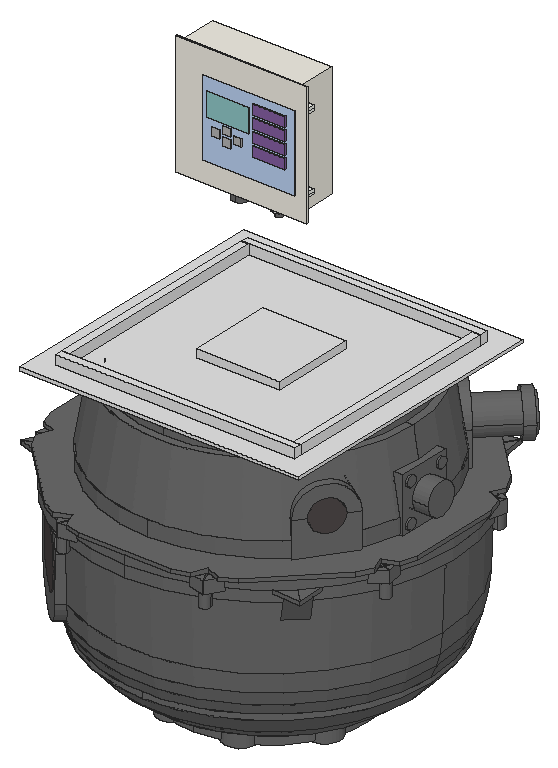
Revit family "280550x (200)", category Generic Models, Revit 2021
Family settings
  Can host rebar = No
  Round Connector Dimension = Use Diameter
  Part Type = Normal
  Work Plane-Based = No
  Always vertical = Yes
  Cut with Voids When Loaded = No
  Shared = Yes
  Room Calculation Point = No
Parameters (values of type "280550X")
  SUPPLIER = "KESSEL"
  SA700ID50 = "internal"
  SA700ID49 = "Protection Class I"
  SA700ID48 = "no"
  SA700ID47 = "no"
  SA700ID46 = "yes"
  SA700ID37 = 8000 mm
  SA700ID34 = 12
  SA700ID33 = 0.5 W
  SA700ID32 = 16.86 kg
  SA700ID31 = 1
  SA700ID30 = 1
  SA700ID29 = "RWDR"
  SA700ID21 = 800
  SA700ID10 = "No"
  SA700ID08 = 230 V
  PROCUREWEBLINK = "https://p.caden.as/kessel/280550X"
  PROCURELINK = "p.caden.as/kessel/280550X"
  PROCUREDATALASTUPDATE = "2024-05-22T12:17:24.687223417+01:00"
  PRC_SPECIFICATIONLINK = "https://ausschreiben.de/catalog/kessel/catalogItem/c423d403-c8be-41f1-af6b-9a60d9417f8c"
  NN = "Lifting station Aqualift S compact"
  NBSYN = "$SA810ID03. ($LODLEVEL.)"
  NB = "280550X (200)"
  Model = "280550X"
  Manufacturer = "KESSEL"
  MIdent = "{$CADENAS_DATA/23d-libs/kessel/kessel_vdi_import/4/entwaesserung/hebeanlage20aqualift20s20compact.prj},216 {STYP=ASS},{VTYP=3D},{NB=280550X (200)},{LINA=280550X},{NN=Lifting station Aqualift S compact},{DATE=21.11.2022 10:40:35},{GEOMDATE=21.11.2022 10:40:35},{VERSION=},{LINEID=150},{WBVAR=LODLEVEL},{WBNUMERIC=LODLEVEL}  {NB=280550X (200)},{LINA=280550X},{KT=DUMMY},{PREVIEW=../../bilder/ksb_w_280550x.png},{SA700ID04=Hebeanlage Aqualift S Compact, Tronic, GTF 500, Bodenplatte, befliesbar},{SA810ID06=04026092082638},{SA700ID34=12.00},{SA010ID03=201805},{SA810ID03=280550X},{SA810ID10=Die steckerfertige Hebeanlage für fäkalienfreies Abwasser ist mit einer überflutbaren Pumpe sowie einem Rückflussverhinderer ausgestattet. Der Sammelbehälter aus dauerhaft beständigem Kunststoff (PE) besitzt einen offenen Pumpenraum. Einhandverschlüsse ermöglichen die einfache Entnahme der integrierten Komponenten. Die Anlage zum Einbau in die Bodenplatte ist vormontiert zur bauseitigen Endmontage.Die Steuerung erfolgt durch ein anwenderfreundliches Schaltgerät, das optional über einen potentialfreien Kontakt in die Gebäudeleittechnik eingebunden werden oder Alarm- und Sammelstörmeldungen über eine GSM-Schnittstelle ausgeben kann.- mit teleskopischem Aufsatzstück für stufenlosen Höhen- und Niveauausgleich und integriertem Bodenablauf- Sammelbehälter aus PE, beständig gegen aggressive Abwässer und 3 m Grundwasser- inklusive Rückflussverhinderer für die Druckleitung- inklusive Stutzen für Zulauf und Kabelleerrohr- Pumpe mit Freistromrad für höchste BetriebssicherheitAusführung:Anlagenart: EinzelanlagePumpensteuerung: SchaltgerätRückflussverhinderer: integriertAuslieferungszustand: installationsfertig (Verbindungsteile sind bauseits anzuschließen)Einbausituation: Einbau in die BodenplatteAbwasserart: fäkalienfreiAllgemeine Merkmale:Farbe: schwarzNorm: EN 12050-2Abmessungen:Länge: 617 mmBreite: 585 mmBehälter/Grundkörper:Zulauf Nennweite (DN): 100 mmDruckabgang (DN): 32 mmDruckabgang (DA): 40 mmEinbautiefe: 490 - 620 mmNutzvolumen: 20 lArt der Höhenverstellbarkeit: teleskopisches AufsatzstückAbdeckungsmerkmale:Abdeckungsart: befliesbare AbdeckplatteAbdeckung Material: KunststoffAbdeckung Farbe: silbergrauAblauffunktion: jaBodenbelaghöhe max.: 16 mmBelastungsklasse: K 3 (EN 1253-1)Länge: 366 mmBreite: 366 mmVerriegelung: Lock & LiftFreier Kugeldurchgang: 10 mmFördereinrichtung:Pumpe: GTF 500Anzahl Pumpen: 1Förderleistung max.: 10 m3/hFörderhöhe max.: 8 mBetriebsspannung: 230 VNetzfrequenz: 50 HzBetriebsart: S1Leistung P1: 0,6 kWLeistung P2: 0,36 kWDrehzahl: 2.800 U/minErforderliche Absicherung (Leitungsschutz): C 16 AFörderguttemperatur (dauerhaft) max.: 40 °CAnschlusstyp: codierter SteckerLaufrad Typ: FreistromradLänge Netzanschlussleitung Pumpe: 5 mNennstrom: 2,7 ASchutzart Pumpe: IP 68 (3m)Typ Anschlussleitung Pumpe: H07RN-F 3G 1,0 mm2Temperaturüberwachung: integriertSteuerung:Schaltgerät: ComfortBetriebsspannung: 230 VSelbstdiagnosesystem (SDS): jaBatteriepufferung: jaMehrzeilige Displayanzeige: jaLogbuchfunktion: jaUSB-Schnittstelle: jaGSM-Schnittstelle: jaPotentialfreier Kontakt: optionalSchutzart Schaltgerät: IP 54Länge Netzanschlussleitung Schaltgerät: 1,4 mArt Niveauerfassung: pneumatischInstrument Niveauerfassung: TauchrohrAlarmgeber: optische Sonde},{SA700ID37=8.00},{SA700ID33=0.50},{SA700ID08=230},{SA700ID30=1},{SA700ID32=16.86},{SA700ID49=Schutzklasse I},{SA700ID50=intern},{SA200ID03=6},{SA250ID03=vertikal},{SA260ID03=Trockenläuferpumpe},{SA350ID03=normalansaugend},{SA400ID03=E-Motor für Wechselstrom},{SA460ID03=direkt},{SA500ID03=Kunststoff, Edelstahl},{SA700ID06=32},{SA700ID07=100},{SA700ID09=1/N/PE 230V },{SA700ID10=Nein},{SA700ID11=50},{SA700ID12=IP 68},{SA700ID13=F},{SA700ID15=35},{SA700ID21=800.00},{SA700ID22=0.36},{SA700ID23=2800},{SA700ID24=2800},{SA700ID26=2.50},{SA700ID27=6.90},{SA700ID28=durchgehend},{SA700ID29=RWDR},{SA700ID31=1},{SA700ID46=ja},{SA700ID47=nein},{SA700ID48=nein},{SA110ID04=Hebeanlage Aqualift S Compact},{SA300ID03=einstufig},{SA700ID44=10.00},{SA700ID45=10.00},{SA010ID04=KESSEL AG},{LODLEVEL=200},{LINK=https://www.kessel.de/info?han=280550X},{SA970ID01=970},{SA970ID02=14063},{SA970ID03=280550X},{SA970ID04=11002617},{SA970ID05=QUAD},{SA970ID06=-326},{SA970ID07=-291.04},{SA970ID08=0},{SA970ID09=1},{SA970ID10=0},{SA970ID11=0},{SA970ID12=0},{SA970ID13=1},{SA970ID14=0},{SA970ID15=617.04},{SA970ID16=582.09},{SA970ID17=488.5},{LODLEVEL_=200,'Low'},{LODLEVEL_DEU=200,'Low'},{LINK_=https://www.kessel.de/info?han=280550X},{LINK_DEU=https://www.kessel.de/info?han=280550X},{LODLEVEL_3DB=280550X_200},{DNIN1=100},{DNIN2=125},{DNIN3=100},{DNIN4=100},{DNOUT1=70},{DNOUT2=32},{ISD1=60},{ISD2=10},{ISD3=10},{SA010ID01=010},{SA010ID02=4},{SA010ID06=www.kessel.de},{SA010ID07=www.kessel.de},{SA010ID12=20180713},{SA010ID13=DEU},{SA010ID14=DE},{SA100ID01=100},{SA100ID02=4},{SA100ID04=Entwässerung},{SA110ID01=110},{SA110ID02=30},{SA200ID01=200},{SA200ID02=6},{SA250ID01=250},{SA250ID02=2},{SA260ID01=260},{SA260ID02=2},{SA300ID01=300},{SA300ID02=1},{SA350ID01=350},{SA350ID02=1},{SA400ID01=400},{SA400ID02=1},{SA460ID01=460},{SA460ID02=1},{SA500ID01=500},{SA500ID02=1},{SA700ID01=700},{SA700ID02=196},{SA700ID10_=0},{SA700ID16=0},{SA700ID25=0},{SA700ID46_=1},{SA700ID47_=0},{SA700ID48_=0},{SA700ID49_=1},{SA700ID50_=2},{SA800ID01=800},{SA800ID02=11},{SA810ID01=810},{SA810ID02=196},{SA810ID04=280550X},{SA810ID07=196},{SA810ID09=1},{SA810ID14=PCE},{SA810ID15=1},{SA810ID16=NMP},{SA960ID03=196},{SA960ID04=3L},{SA960ID08=https://www.kessel.de/info?han=280550X},{SA010ID08=4026092000007},{SA100ID05=Hebeanlage},{SA110ID06=Hebeanlage}"
  LINK = "https://www.kessel.de/info?han=280550X"
  LINA = "280550X"
  Default Elevation = 0 mm
  CREATOR = "CADENAS GmbH"
  CATALOG = "KESSEL"
  BOMINFO = "LINA"
  ARTICLENO = "NB"
  4.810.00.9 Order quantity (multiplicator) = "1"
  4.810.00.7 Media- connection number = "196"
  4.810.00.6 GTIN number = "04026092082638"
  4.810.00.4 DATANORM number = "280550X"
  4.810.00.3 Producer order number = "280550X"
  4.710.03.7 Mass (net) = 16.86 kg
  4.710.03.6 Height = 490 mm
  4.710.03.5 Width = 580 mm
  4.710.03.4 Length = 620 mm
  4.710.03.3 Type of dimensions = "2"
  4.710.02.8 Area of application of wastewater pump = "2"
  4.710.02.6 Duty type = "S1"
  4.710.02.5 Cutting device = "0"
  4.710.02.4 Attached pump control = "1"
  4.710.02.3 Free passage = 10 mm
  4.710.01.6 Option to connect to building automation = "10"
  4.710.01.5 Load regulation = "0"
  4.710.01.4 Designation of closed-loop control = "20"
  4.700.00.9 Voltage = 0
  4.700.00.8 Nominal connection size on suction side = "100"
  4.700.00.7 Nominal connection size on pressure side = "100"
  4.700.00.6 Type of connection = "32"
  4.700.00.4 Product indentification = "Hebeanlage Aqualift S Compact, Tronic, GTF 500, Bodenplatte, befliesbar"
  4.700.00.28 Motor pump shaft = "durchgehend"
  4.700.00.27 Starting current = 6.9
  4.700.00.26 Maximum power consumption per pump / drive = 2.5
  4.700.00.25 Minimum speed at internal speed adjustment = 0
  4.700.00.24 Nominal speed / maximum speed n = 46.6667
  4.700.00.23 Nominal speed of motor = 46.6667
  4.700.00.22 Maximum shaft output (P2) per pump/drive = 0.36 W
  4.700.00.16 Maximum temperature of pumped medium = 0 °C
  4.700.00.15 Increased safety class = "35 °C"
  4.700.00.13 Type of protection = "F"
  4.700.00.12 Frequency = 0
  4.700.00.11 Stern-/Dreieck-Anlaufschaltung bei Dreiphasenanschluss oder Drehstrom = "50 Hz"
  4.700.00.10 Phase = "0"
  4.500.00.3 Variant / Variant type / Accessories-name = "Kunststoff, Edelstahl"
  4.460.00.3 Variant / Variant type / Accessories-name = "direkt"
  4.400.00.3 Variant / Variant type / Accessories-name = "E-Motor für Wechselstrom"
  4.350.00.3 Variant / Variant type / Accessories-name = "normalansaugend"
  4.300.00.3 Variant / Variant type / Accessories-name = "einstufig"
  4.260.00.3 Variant / Variant type / Accessories-name = "Trockenläuferpumpe"
  4.250.00.3 Variant / Variant type / Accessories-name = "vertikal"
  4.200.00.3 Variant / Variant type / Accessories-name = "6"
  4.110.00.6 Product classification = "Hebeanlage"
  4.110.00.4 Product indentification = "Hebeanlage Aqualift S Compact"
  4.100.00.5 Main groups of wares = "Hebeanlage"
  4.100.00.4 Product indentification = "Entwässerung"
  4.010.00.8 Producer ID number = "4026092000007"
  4.010.00.7 Comment = "www.kessel.de"
  4.010.00.6 Web address of the manufacturer = "www.kessel.de"
  4.010.00.4 Manufacturer name = "KESSEL AG"
  4.010.00.3 Date of issuance (month) of guideline = "201805"
  4.010.00.2 Sheet number of the guideline = "4"
  4.010.00.14 Kennungen der Projektländer, für die die Datei gültig ist = "DE"
  4.010.00.13 Sprache der Datei = "DEU"
  4.010.00.12 Stand des Herstellerkatalogs = "20180713"
Reference planes
  plane 1 "Center (Front/Back)": y = 0
  plane 2: z = 0
  plane 3 "Center (Left/Right)": x = 0
Forms (mm)
  Extrusion 1, void
    sketch origin (-161, 217, 518.2) x (0, 1, 0) y (-1, 0, 0)
      loop
        line (-0.5, -0.5) -> (0.5, -0.5) -> (0.5, 0.5) -> (-0.5, 0.5) -> (-0.5, -0.5)
    from 0 to 1
  Extrusion 2, void
    sketch origin (-197.283, 197.283, 209) x (-0.707107, -0.707107, 0) y (0, 0, -1)
      loop
        line (-0.5, -0.5) -> (0.5, -0.5) -> (0.5, 0.5) -> (-0.5, 0.5) -> (-0.5, -0.5)
    from 0 to 1
  Extrusion 3, void
    sketch origin (-197.283, -197.283, 209) x (0.707107, -0.707107, 0) y (0, 0, -1)
      loop
        line (-0.5, -0.5) -> (0.5, -0.5) -> (0.5, 0.5) -> (-0.5, 0.5) -> (-0.5, -0.5)
    from 0 to 1
  Extrusion 4, void
    sketch origin (-247, 0, 370) x (0, -1, 0) y (0, 0, -1)
      loop
        line (-0.5, -0.5) -> (0.5, -0.5) -> (0.5, 0.5) -> (-0.5, 0.5) -> (-0.5, -0.5)
    from 0 to 1
  Extrusion 5, void
    sketch origin (242.226, 228.084, 376) x (-0.707107, 0.707107, 0) y (0, 0, -1)
      loop
        line (-0.5, -0.5) -> (0.5, -0.5) -> (0.5, 0.5) -> (-0.5, 0.5) -> (-0.5, -0.5)
    from 0 to 1
  Extrusion 6, void
    sketch origin (242.226, 228.084, 364) x (-0.707107, 0.707107, 0) y (0, 0, -1)
      loop
        line (-0.5, -0.5) -> (0.5, -0.5) -> (0.5, 0.5) -> (-0.5, 0.5) -> (-0.5, -0.5)
    from 0 to 1
  Extrusion 7, void
    sketch origin (228.084, 242.226, 376) x (-0.707107, 0.707107, 0) y (0, 0, -1)
      loop
        line (-0.5, -0.5) -> (0.5, -0.5) -> (0.5, 0.5) -> (-0.5, 0.5) -> (-0.5, -0.5)
    from 0 to 1
  Extrusion 8, void
    sketch origin (228.084, 242.226, 364) x (-0.707107, 0.707107, 0) y (0, 0, -1)
      loop
        line (-0.5, -0.5) -> (0.5, -0.5) -> (0.5, 0.5) -> (-0.5, 0.5) -> (-0.5, -0.5)
    from 0 to 1
Dimensions and locks
  locked: plane 2 to Extrusion 1 at 519.2
  locked: plane 2 to Extrusion 1 at 518.2
  locked: plane 2 to Extrusion 2 at 208.5
  locked: plane 2 to Extrusion 2 at 209.5
  locked: plane 2 to Extrusion 3 at 208.5
  locked: plane 2 to Extrusion 3 at 209.5
  locked: plane 2 to Extrusion 4 at 369.5
  locked: plane 2 to Extrusion 4 at 370.5
  locked: plane 2 to Extrusion 5 at 375.5
  locked: plane 2 to Extrusion 5 at 376.5
  locked: plane 2 to Extrusion 6 at 363.5
  locked: plane 2 to Extrusion 6 at 364.5
  locked: plane 2 to Extrusion 7 at 375.5
  locked: plane 2 to Extrusion 7 at 376.5
  locked: plane 2 to Extrusion 8 at 363.5
  locked: plane 2 to Extrusion 8 at 364.5
  aligned and locked: level to plane 2
Nested families
  nested 1: "280550x (200)_content" at (0, 0, 0), type "280550X (200)_Content"
  nested 2: "280550x (200)_part1_X0Y0" at (-194, 244.5, 558), type "280550X_PART1_X0Y0"
  nested 3: "280550x (200)_part2_X0Y0" at (0, 0, 0), type "280550X_PART2_X0Y0"
Connectors
  electrical at (-257.5, 217, 524.5)
    settings: on nested 2, index 1, voltage 0 V, apparent load 0 VA, apparent load phase1 0 VA, apparent load phase2 0 VA, apparent load phase3 0 VA, power factor 1, load classification "Other", number of poles 1, system type 31, power factor state 1, is connector primary yes, connector utility no, sub classification motor no, connector description ""
  electrical at (-223, 217, 521)
    settings: on nested 2, index 2, voltage 0 V, apparent load 0 VA, apparent load phase1 0 VA, apparent load phase2 0 VA, apparent load phase3 0 VA, power factor 1, load classification "Other", number of poles 1, system type 31, power factor state 1, is connector primary no, connector utility no, sub classification motor no, connector description ""
  electrical at (-189, 217, 530.9)
    settings: on nested 2, index 3, voltage 0 V, apparent load 0 VA, apparent load phase1 0 VA, apparent load phase2 0 VA, apparent load phase3 0 VA, power factor 1, load classification "Other", number of poles 1, system type 31, power factor state 1, is connector primary no, connector utility no, sub classification motor no, connector description ""
  electrical at (-161, 217, 518.2)
    settings: on Extrusion 1, index 4, voltage 0 V, apparent load 0 VA, apparent load phase1 0 VA, apparent load phase2 0 VA, apparent load phase3 0 VA, power factor 1, load classification "Other", number of poles 1, system type 31, power factor state 1, is connector primary no, connector utility no, sub classification motor no, connector description ""
  electrical at (-136.5, 217, 557.2)
    settings: on nested 2, index 5, voltage 0 V, apparent load 0 VA, apparent load phase1 0 VA, apparent load phase2 0 VA, apparent load phase3 0 VA, power factor 1, load classification "Other", number of poles 1, system type 31, power factor state 1, is connector primary no, connector utility no, sub classification motor no, connector description ""
  electrical at (-114.5, 217, 557.2)
    settings: on nested 2, index 6, voltage 0 V, apparent load 0 VA, apparent load phase1 0 VA, apparent load phase2 0 VA, apparent load phase3 0 VA, power factor 1, load classification "Other", number of poles 1, system type 31, power factor state 1, is connector primary no, connector utility no, sub classification motor no, connector description ""
  piping at (-326, 0, 209), diameter 125
    settings: on nested 3, index 7, connector inside diameter 609.6 mm, connector length 0 mm, flow factor 0, pipe flow 0.0 L/s, pressure drop 0.0 Pa, fitting loss kfactor 0, connector angle 0.00°, fixture units 0, engagement length 0 mm, angle of deflection 0.00°, flow configuration 0, flow direction 1, fitting loss method 2, system type 29, joint type 0, gender type 0, connector reference index -1, connector utility 0, adjustable connector no, is connector primary yes, connector description ""
  piping at (-197.283, 197.283, 209), diameter 100
    settings: on Extrusion 2, index 8, connector inside diameter 609.6 mm, connector length 0 mm, flow factor 0, pipe flow 0.0 L/s, pressure drop 0.0 Pa, fitting loss kfactor 0, connector angle 0.00°, fixture units 0, engagement length 0 mm, angle of deflection 0.00°, flow configuration 0, flow direction 0, fitting loss method 2, system type 29, joint type 0, gender type 0, connector reference index -1, connector utility 0, adjustable connector no, is connector primary no, connector description ""
  piping at (-197.283, -197.283, 209), diameter 100
    settings: on Extrusion 3, index 9, connector inside diameter 609.6 mm, connector length 0 mm, flow factor 0, pipe flow 0.0 L/s, pressure drop 0.0 Pa, fitting loss kfactor 0, connector angle 0.00°, fixture units 0, engagement length 0 mm, angle of deflection 0.00°, flow configuration 0, flow direction 0, fitting loss method 2, system type 29, joint type 0, gender type 0, connector reference index -1, connector utility 0, adjustable connector no, is connector primary no, connector description ""
  piping at (-247, 0, 370), diameter 70
    settings: on Extrusion 4, index 10, connector inside diameter 609.6 mm, connector length 0 mm, flow factor 0, pipe flow 0.0 L/s, pressure drop 0.0 Pa, fitting loss kfactor 0, connector angle 0.00°, fixture units 0, engagement length 0 mm, angle of deflection 0.00°, flow configuration 0, flow direction 0, fitting loss method 2, system type 29, joint type 0, gender type 0, connector reference index -1, connector utility 0, adjustable connector no, is connector primary no, connector description ""
  piping at (272.5, -3, 363.25), diameter 32
    settings: on nested 3, index 11, connector inside diameter 609.6 mm, connector length 0 mm, flow factor 0, pipe flow 0.0 L/s, pressure drop 0.0 Pa, fitting loss kfactor 0, connector angle 0.00°, fixture units 0, engagement length 0 mm, angle of deflection 0.00°, flow configuration 0, flow direction 2, fitting loss method 2, system type 29, joint type 0, gender type 0, connector reference index -1, connector utility 0, adjustable connector no, is connector primary no, connector description ""
  electrical at (242.226, 228.084, 376)
    settings: on Extrusion 5, index 12, voltage 0 V, apparent load 0 VA, apparent load phase1 0 VA, apparent load phase2 0 VA, apparent load phase3 0 VA, power factor 1, load classification "Other", number of poles 1, system type 31, power factor state 1, is connector primary no, connector utility no, sub classification motor no, connector description ""
  electrical at (242.226, 228.084, 364)
    settings: on Extrusion 6, index 13, voltage 0 V, apparent load 0 VA, apparent load phase1 0 VA, apparent load phase2 0 VA, apparent load phase3 0 VA, power factor 1, load classification "Other", number of poles 1, system type 31, power factor state 1, is connector primary no, connector utility no, sub classification motor no, connector description ""
  electrical at (228.084, 242.226, 376)
    settings: on Extrusion 7, index 14, voltage 0 V, apparent load 0 VA, apparent load phase1 0 VA, apparent load phase2 0 VA, apparent load phase3 0 VA, power factor 1, load classification "Other", number of poles 1, system type 31, power factor state 1, is connector primary no, connector utility no, sub classification motor no, connector description ""
  electrical at (228.084, 242.226, 364)
    settings: on Extrusion 8, index 15, voltage 0 V, apparent load 0 VA, apparent load phase1 0 VA, apparent load phase2 0 VA, apparent load phase3 0 VA, power factor 1, load classification "Other", number of poles 1, system type 31, power factor state 1, is connector primary no, connector utility no, sub classification motor no, connector description ""
Definition of nested family "280550x (200)_part1_X0Y0"
  Parameters (values of type "280550X_PART1_X0Y0")
    SUPPLIER = "KESSEL"
    SA700ID50 = "internal"
    SA700ID49 = "Protection Class I"
    SA700ID48 = "no"
    SA700ID47 = "no"
    SA700ID46 = "yes"
    SA700ID37 = 8000 mm
    SA700ID34 = 12
    SA700ID33 = 0.5 W
    SA700ID32 = 16.86 kg
    SA700ID31 = 1
    SA700ID30 = 1
    SA700ID29 = "RWDR"
    SA700ID21 = 800
    SA700ID10 = "No"
    SA700ID08 = 230 V
    NBSYN = "$SA810ID03. ($LODLEVEL.)_PART1"
    NB = "280550X (200)_PART1"
    Model = "280550X_PART1"
    Manufacturer = "KESSEL"
    MIdent = "{$CADENAS_DATA/23d-libs/kessel/kessel_vdi_import/4/entwaesserung/hebeanlage20aqualift20s20compact.prj},236 {VTYP=3D},{NB=280550X (200)_PART1},{LINA=280550X_PART1},{NN=Lifting station Aqualift S compact_PART1},{NOPRJ=TRUE},{DATE=21.11.2022 10:40:35},{GEOMDATE=21.11.2022 10:40:35},{VERSION=},{LINEID=150},{WBVAR=LODLEVEL},{WBNUMERIC=LODLEVEL}  {NB=280550X (200)_PART1},{LINA=280550X_PART1},{KT=DUMMY},{PREVIEW=../../bilder/ksb_w_280550x.png},{SA700ID04=Hebeanlage Aqualift S Compact, Tronic, GTF 500, Bodenplatte, befliesbar},{SA810ID06=04026092082638},{SA700ID34=12.00},{SA010ID03=201805},{SA810ID03=280550X},{SA810ID10=Die steckerfertige Hebeanlage für fäkalienfreies Abwasser ist mit einer überflutbaren Pumpe sowie einem Rückflussverhinderer ausgestattet. Der Sammelbehälter aus dauerhaft beständigem Kunststoff (PE) besitzt einen offenen Pumpenraum. Einhandverschlüsse ermöglichen die einfache Entnahme der integrierten Komponenten. Die Anlage zum Einbau in die Bodenplatte ist vormontiert zur bauseitigen Endmontage.Die Steuerung erfolgt durch ein anwenderfreundliches Schaltgerät, das optional über einen potentialfreien Kontakt in die Gebäudeleittechnik eingebunden werden oder Alarm- und Sammelstörmeldungen über eine GSM-Schnittstelle ausgeben kann.- mit teleskopischem Aufsatzstück für stufenlosen Höhen- und Niveauausgleich und integriertem Bodenablauf- Sammelbehälter aus PE, beständig gegen aggressive Abwässer und 3 m Grundwasser- inklusive Rückflussverhinderer für die Druckleitung- inklusive Stutzen für Zulauf und Kabelleerrohr- Pumpe mit Freistromrad für höchste BetriebssicherheitAusführung:Anlagenart: EinzelanlagePumpensteuerung: SchaltgerätRückflussverhinderer: integriertAuslieferungszustand: installationsfertig (Verbindungsteile sind bauseits anzuschließen)Einbausituation: Einbau in die BodenplatteAbwasserart: fäkalienfreiAllgemeine Merkmale:Farbe: schwarzNorm: EN 12050-2Abmessungen:Länge: 617 mmBreite: 585 mmBehälter/Grundkörper:Zulauf Nennweite (DN): 100 mmDruckabgang (DN): 32 mmDruckabgang (DA): 40 mmEinbautiefe: 490 - 620 mmNutzvolumen: 20 lArt der Höhenverstellbarkeit: teleskopisches AufsatzstückAbdeckungsmerkmale:Abdeckungsart: befliesbare AbdeckplatteAbdeckung Material: KunststoffAbdeckung Farbe: silbergrauAblauffunktion: jaBodenbelaghöhe max.: 16 mmBelastungsklasse: K 3 (EN 1253-1)Länge: 366 mmBreite: 366 mmVerriegelung: Lock & LiftFreier Kugeldurchgang: 10 mmFördereinrichtung:Pumpe: GTF 500Anzahl Pumpen: 1Förderleistung max.: 10 m3/hFörderhöhe max.: 8 mBetriebsspannung: 230 VNetzfrequenz: 50 HzBetriebsart: S1Leistung P1: 0,6 kWLeistung P2: 0,36 kWDrehzahl: 2.800 U/minErforderliche Absicherung (Leitungsschutz): C 16 AFörderguttemperatur (dauerhaft) max.: 40 °CAnschlusstyp: codierter SteckerLaufrad Typ: FreistromradLänge Netzanschlussleitung Pumpe: 5 mNennstrom: 2,7 ASchutzart Pumpe: IP 68 (3m)Typ Anschlussleitung Pumpe: H07RN-F 3G 1,0 mm2Temperaturüberwachung: integriertSteuerung:Schaltgerät: ComfortBetriebsspannung: 230 VSelbstdiagnosesystem (SDS): jaBatteriepufferung: jaMehrzeilige Displayanzeige: jaLogbuchfunktion: jaUSB-Schnittstelle: jaGSM-Schnittstelle: jaPotentialfreier Kontakt: optionalSchutzart Schaltgerät: IP 54Länge Netzanschlussleitung Schaltgerät: 1,4 mArt Niveauerfassung: pneumatischInstrument Niveauerfassung: TauchrohrAlarmgeber: optische Sonde},{SA700ID37=8.00},{SA700ID33=0.50},{SA700ID08=230},{SA700ID30=1},{SA700ID32=16.86},{SA700ID49=Schutzklasse I},{SA700ID50=intern},{SA200ID03=6},{SA250ID03=vertikal},{SA260ID03=Trockenläuferpumpe},{SA350ID03=normalansaugend},{SA400ID03=E-Motor für Wechselstrom},{SA460ID03=direkt},{SA500ID03=Kunststoff, Edelstahl},{SA700ID06=32},{SA700ID07=100},{SA700ID09=1/N/PE 230V },{SA700ID10=Nein},{SA700ID11=50},{SA700ID12=IP 68},{SA700ID13=F},{SA700ID15=35},{SA700ID21=800.00},{SA700ID22=0.36},{SA700ID23=2800},{SA700ID24=2800},{SA700ID26=2.50},{SA700ID27=6.90},{SA700ID28=durchgehend},{SA700ID29=RWDR},{SA700ID31=1},{SA700ID46=ja},{SA700ID47=nein},{SA700ID48=nein},{SA110ID04=Hebeanlage Aqualift S Compact},{SA300ID03=einstufig},{SA700ID44=10.00},{SA700ID45=10.00},{SA010ID04=KESSEL AG},{LODLEVEL=200},{LINK=https://www.kessel.de/info?han=280550X},{SA970ID01=970},{SA970ID02=14063},{SA970ID03=280550X},{SA970ID04=11002617},{SA970ID05=QUAD},{SA970ID06=-326},{SA970ID07=-291.04},{SA970ID08=0},{SA970ID09=1},{SA970ID10=0},{SA970ID11=0},{SA970ID12=0},{SA970ID13=1},{SA970ID14=0},{SA970ID15=617.04},{SA970ID16=582.09},{SA970ID17=488.5},{LODLEVEL_=200,'Low'},{LODLEVEL_DEU=200,'Low'},{LINK_=https://www.kessel.de/info?han=280550X},{LINK_DEU=https://www.kessel.de/info?han=280550X},{LODLEVEL_3DB=280550X_200},{DNIN1=100},{DNIN2=125},{DNIN3=100},{DNIN4=100},{DNOUT1=70},{DNOUT2=32},{ISD1=60},{ISD2=10},{ISD3=10},{SA010ID01=010},{SA010ID02=4},{SA010ID06=www.kessel.de},{SA010ID07=www.kessel.de},{SA010ID12=20180713},{SA010ID13=DEU},{SA010ID14=DE},{SA100ID01=100},{SA100ID02=4},{SA100ID04=Entwässerung},{SA110ID01=110},{SA110ID02=30},{SA200ID01=200},{SA200ID02=6},{SA250ID01=250},{SA250ID02=2},{SA260ID01=260},{SA260ID02=2},{SA300ID01=300},{SA300ID02=1},{SA350ID01=350},{SA350ID02=1},{SA400ID01=400},{SA400ID02=1},{SA460ID01=460},{SA460ID02=1},{SA500ID01=500},{SA500ID02=1},{SA700ID01=700},{SA700ID02=196},{SA700ID10_=0},{SA700ID16=0},{SA700ID25=0},{SA700ID46_=1},{SA700ID47_=0},{SA700ID48_=0},{SA700ID49_=1},{SA700ID50_=2},{SA800ID01=800},{SA800ID02=11},{SA810ID01=810},{SA810ID02=196},{SA810ID04=280550X},{SA810ID07=196},{SA810ID09=1},{SA810ID14=PCE},{SA810ID15=1},{SA810ID16=NMP},{SA960ID03=196},{SA960ID04=3L},{SA960ID08=https://www.kessel.de/info?han=280550X},{SA010ID08=4026092000007},{SA100ID05=Hebeanlage},{SA110ID06=Hebeanlage}"
    LINK = "https://www.kessel.de/info?han=280550X"
    LINA = "280550X_PART1"
    Default Elevation = 1219.2 mm
    CREATOR = "CADENAS GmbH"
    CATALOG = "KESSEL"
    BOMINFO = "LINA"
    ARTICLENO = "NB"
    4.810.00.9 Order quantity (multiplicator) = "1"
    4.810.00.7 Media- connection number = "196"
    4.810.00.6 GTIN number = "04026092082638"
    4.810.00.4 DATANORM number = "280550X"
    4.810.00.3 Producer order number = "280550X"
    4.710.03.7 Mass (net) = 16.86 kg
    4.710.03.6 Height = 490 mm
    4.710.03.5 Width = 580 mm
    4.710.03.4 Length = 620 mm
    4.710.03.3 Type of dimensions = "2"
    4.710.02.8 Area of application of wastewater pump = "2"
    4.710.02.6 Duty type = "S1"
    4.710.02.5 Cutting device = "0"
    4.710.02.4 Attached pump control = "1"
    4.710.02.3 Free passage = 10 mm
    4.710.01.6 Option to connect to building automation = "10"
    4.710.01.5 Load regulation = "0"
    4.710.01.4 Designation of closed-loop control = "20"
    4.700.00.9 Voltage = 0
    4.700.00.8 Nominal connection size on suction side = "100"
    4.700.00.7 Nominal connection size on pressure side = "100"
    4.700.00.6 Type of connection = "32"
    4.700.00.4 Product indentification = "Hebeanlage Aqualift S Compact, Tronic, GTF 500, Bodenplatte, befliesbar"
    4.700.00.28 Motor pump shaft = "durchgehend"
    4.700.00.27 Starting current = 6.9
    4.700.00.26 Maximum power consumption per pump / drive = 2.5
    4.700.00.25 Minimum speed at internal speed adjustment = 0
    4.700.00.24 Nominal speed / maximum speed n = 46.6667
    4.700.00.23 Nominal speed of motor = 46.6667
    4.700.00.22 Maximum shaft output (P2) per pump/drive = 0.36 W
    4.700.00.16 Maximum temperature of pumped medium = 0 °C
    4.700.00.15 Increased safety class = "35 °C"
    4.700.00.13 Type of protection = "F"
    4.700.00.12 Frequency = 0
    4.700.00.11 Stern-/Dreieck-Anlaufschaltung bei Dreiphasenanschluss oder Drehstrom = "50 Hz"
    4.700.00.10 Phase = "0"
    4.500.00.3 Variant / Variant type / Accessories-name = "Kunststoff, Edelstahl"
    4.460.00.3 Variant / Variant type / Accessories-name = "direkt"
    4.400.00.3 Variant / Variant type / Accessories-name = "E-Motor für Wechselstrom"
    4.350.00.3 Variant / Variant type / Accessories-name = "normalansaugend"
    4.300.00.3 Variant / Variant type / Accessories-name = "einstufig"
    4.260.00.3 Variant / Variant type / Accessories-name = "Trockenläuferpumpe"
    4.250.00.3 Variant / Variant type / Accessories-name = "vertikal"
    4.200.00.3 Variant / Variant type / Accessories-name = "6"
    4.110.00.6 Product classification = "Hebeanlage"
    4.110.00.4 Product indentification = "Hebeanlage Aqualift S Compact"
    4.100.00.5 Main groups of wares = "Hebeanlage"
    4.100.00.4 Product indentification = "Entwässerung"
    4.010.00.8 Producer ID number = "4026092000007"
    4.010.00.7 Comment = "www.kessel.de"
    4.010.00.6 Web address of the manufacturer = "www.kessel.de"
    4.010.00.4 Manufacturer name = "KESSEL AG"
    4.010.00.3 Date of issuance (month) of guideline = "201805"
    4.010.00.2 Sheet number of the guideline = "4"
    4.010.00.14 Kennungen der Projektländer, für die die Datei gültig ist = "DE"
    4.010.00.13 Sprache der Datei = "DEU"
    4.010.00.12 Stand des Herstellerkatalogs = "20180713"
  Reference planes
    plane 1 "Center (Front/Back)": y = 0
    plane 2: z = 0
    plane 3 "Center (Left/Right)": x = 0
  Dimensions and locks
    aligned and locked: level to plane 2
  Nested families
    nested 1: "280550x (200)_part1_content" at (0, 0, 0), type "280550X (200)_PART1_Content"
  Definition of nested family "280550x (200)_part1_content"
    Parameters (values of type "280550X (200)_PART1_Content")
      SUPPLIER = "KESSEL"
      SA700ID50 = "internal"
      SA700ID49 = "Protection Class I"
      SA700ID48 = "no"
      SA700ID47 = "no"
      SA700ID46 = "yes"
      SA700ID37 = 8000 mm
      SA700ID34 = 12
      SA700ID33 = 0.5 W
      SA700ID32 = 16.86 kg
      SA700ID31 = 1
      SA700ID30 = 1
      SA700ID29 = "RWDR"
      SA700ID21 = 800
      SA700ID10 = "No"
      SA700ID08 = 230 V
      NBSYN = "$SA810ID03. ($LODLEVEL.)_PART1"
      NB = "280550X (200)_PART1"
      Model = "280550X_PART1"
      Manufacturer = "KESSEL"
      LINK = "https://www.kessel.de/info?han=280550X"
      LINA = "280550X_PART1"
      Default Elevation = 1219.2 mm
      CREATOR = "CADENAS GmbH"
      CATALOG = "KESSEL"
      BOMINFO = "LINA"
      ARTICLENO = "NB"
      4.810.00.9 Order quantity (multiplicator) = "1"
      4.810.00.7 Media- connection number = "196"
      4.810.00.6 GTIN number = "04026092082638"
      4.810.00.4 DATANORM number = "280550X"
      4.810.00.3 Producer order number = "280550X"
      4.710.03.7 Mass (net) = 16.86 kg
      4.710.03.6 Height = 490 mm
      4.710.03.5 Width = 580 mm
      4.710.03.4 Length = 620 mm
      4.710.03.3 Type of dimensions = "2"
      4.710.02.8 Area of application of wastewater pump = "2"
      4.710.02.6 Duty type = "S1"
      4.710.02.5 Cutting device = "0"
      4.710.02.4 Attached pump control = "1"
      4.710.02.3 Free passage = 10 mm
      4.710.01.6 Option to connect to building automation = "10"
      4.710.01.5 Load regulation = "0"
      4.710.01.4 Designation of closed-loop control = "20"
      4.700.00.9 Voltage = 0
      4.700.00.8 Nominal connection size on suction side = "100"
      4.700.00.7 Nominal connection size on pressure side = "100"
      4.700.00.6 Type of connection = "32"
      4.700.00.4 Product indentification = "Hebeanlage Aqualift S Compact, Tronic, GTF 500, Bodenplatte, befliesbar"
      4.700.00.28 Motor pump shaft = "durchgehend"
      4.700.00.27 Starting current = 6.9
      4.700.00.26 Maximum power consumption per pump / drive = 2.5
      4.700.00.25 Minimum speed at internal speed adjustment = 0
      4.700.00.24 Nominal speed / maximum speed n = 46.6667
      4.700.00.23 Nominal speed of motor = 46.6667
      4.700.00.22 Maximum shaft output (P2) per pump/drive = 0.36 W
      4.700.00.16 Maximum temperature of pumped medium = 0 °C
      4.700.00.15 Increased safety class = "35 °C"
      4.700.00.13 Type of protection = "F"
      4.700.00.12 Frequency = 0
      4.700.00.11 Stern-/Dreieck-Anlaufschaltung bei Dreiphasenanschluss oder Drehstrom = "50 Hz"
      4.700.00.10 Phase = "0"
      4.500.00.3 Variant / Variant type / Accessories-name = "Kunststoff, Edelstahl"
      4.460.00.3 Variant / Variant type / Accessories-name = "direkt"
      4.400.00.3 Variant / Variant type / Accessories-name = "E-Motor für Wechselstrom"
      4.350.00.3 Variant / Variant type / Accessories-name = "normalansaugend"
      4.300.00.3 Variant / Variant type / Accessories-name = "einstufig"
      4.260.00.3 Variant / Variant type / Accessories-name = "Trockenläuferpumpe"
      4.250.00.3 Variant / Variant type / Accessories-name = "vertikal"
      4.200.00.3 Variant / Variant type / Accessories-name = "6"
      4.110.00.6 Product classification = "Hebeanlage"
      4.110.00.4 Product indentification = "Hebeanlage Aqualift S Compact"
      4.100.00.5 Main groups of wares = "Hebeanlage"
      4.100.00.4 Product indentification = "Entwässerung"
      4.010.00.8 Producer ID number = "4026092000007"
      4.010.00.7 Comment = "www.kessel.de"
      4.010.00.6 Web address of the manufacturer = "www.kessel.de"
      4.010.00.4 Manufacturer name = "KESSEL AG"
      4.010.00.3 Date of issuance (month) of guideline = "201805"
      4.010.00.2 Sheet number of the guideline = "4"
      4.010.00.14 Kennungen der Projektländer, für die die Datei gültig ist = "DE"
      4.010.00.13 Sprache der Datei = "DEU"
      4.010.00.12 Stand des Herstellerkatalogs = "20180713"
    Reference planes
      plane 1 "Center (Front/Back)": y = 0
      plane 2: z = 0
      plane 3 "Center (Left/Right)": x = 0
    Forms (mm)
      Extrusion 1, solid, detail levels medium+fine
        sketch origin (94.5, 0, 0) x (0, -1, 0) y (0, 0, 1)
          loop
            line (0, 181) -> (0, 0) -> (66, 0) -> (66, 181) -> (0, 181)
        from 0 to 189
      Extrusion 2, solid, detail levels medium+fine
        sketch origin (108.5, -66, -7) x (0, -1, 0) y (0, 0, 1)
          loop
            line (0, 194) -> (0, 0) -> (2, 0) -> (2, 194) -> (0, 194)
        from 0 to 208
      Extrusion 3, solid, detail levels medium+fine
        sketch origin (90, -68, 26.5) x (0, -1, 0) y (0, 0, 1)
          loop
            line (-1.25, 120) -> (-1.25, 0) -> (0.25, 0) -> (0.25, 120) -> (-1.25, 120)
        from 0 to 146
      Extrusion 4, solid, detail levels medium+fine
        sketch origin (5.5, -68.25, 66) x (0, -1, 0) y (0, 0, 1)
          loop
            line (-1, 12) -> (-1, 0) -> (0.5, 0) -> (0.5, 12) -> (-1, 12)
        from 0 to 12
      Extrusion 5, solid, detail levels medium+fine
        sketch origin (76.25, -68.25, 79) x (0, -1, 0) y (0, 0, 1)
          loop
            line (0, 16) -> (0, 0) -> (1.75, 0) -> (1.75, 16) -> (0, 16)
        from 0 to 51
      Extrusion 6, solid, detail levels medium+fine
        sketch origin (-11.75, -68.25, 74) x (0, -1, 0) y (0, 0, 1)
          loop
            line (-1, 12) -> (-1, 0) -> (0.5, 0) -> (0.5, 12) -> (-1, 12)
        from 0 to 12
      Extrusion 7, solid, detail levels medium+fine
        sketch origin (76.25, -68.25, 59) x (0, -1, 0) y (0, 0, 1)
          loop
            line (0, 16) -> (0, 0) -> (1.75, 0) -> (1.75, 16) -> (0, 16)
        from 0 to 51
      Extrusion 8, solid, detail levels medium+fine
        sketch origin (17.4, -68.25, 89.5) x (0, -1, 0) y (0, 0, 1)
          loop
            line (-1, 37) -> (-1, 0) -> (0.5, 0) -> (0.5, 37) -> (-1, 37)
        from 0 to 66
      Extrusion 9, solid, detail levels medium+fine
        sketch origin (76.25, -68.25, 99) x (0, -1, 0) y (0, 0, 1)
          loop
            line (0, 16) -> (0, 0) -> (1.75, 0) -> (1.75, 16) -> (0, 16)
        from 0 to 51
      Extrusion 10, solid, detail levels medium+fine
        sketch origin (-11.75, -68.25, 57.5) x (0, -1, 0) y (0, 0, 1)
          loop
            line (-1, 12) -> (-1, 0) -> (0.5, 0) -> (0.5, 12) -> (-1, 12)
        from 0 to 12
      Extrusion 11, solid, detail levels medium+fine
        sketch origin (76.25, -68.25, 119) x (0, -1, 0) y (0, 0, 1)
          loop
            line (0, 16) -> (0, 0) -> (1.75, 0) -> (1.75, 16) -> (0, 16)
        from 0 to 51
      Extrusion 12, solid, detail levels medium+fine
        sketch origin (-29, -68.25, 66) x (0, -1, 0) y (0, 0, 1)
          loop
            line (-1, 12) -> (-1, 0) -> (0.5, 0) -> (0.5, 12) -> (-1, 12)
        from 0 to 12
      Extrusion 13, solid, detail levels medium+fine
        sketch origin (5, -27.5, 0) x (1, 0, 0) y (0, -1, 0)
          loop
            circle (0, 0) r 11
        from 0 to 17.3
      Extrusion 14, solid, detail levels medium+fine
        sketch origin (5, -27.5, -16.3) x (1, 0, 0) y (0, -1, 0)
          loop
            circle (0, 0) r 8.65
        from 0 to 10.8
      Extrusion 15, solid, detail levels medium+fine
        sketch origin (-29, -27.5, 0) x (1, 0, 0) y (0, -1, 0)
          loop
            circle (0, 0) r 11.4
        from 0 to 9
      Extrusion 16, solid, detail levels medium+fine
        sketch origin (-29, -27.5, -9) x (1, 0, 0) y (0, -1, 0)
          loop
            circle (0, 0) r 11.75
        from 0 to 28
      Extrusion 17, solid, detail levels medium+fine
        sketch origin (33, -27.5, 0) x (1, 0, 0) y (0, -1, 0)
          loop
            circle (0, 0) r 11
        from 0 to 11
      Extrusion 18, solid, detail levels medium+fine
        sketch origin (33, -27.5, -11) x (1, 0, 0) y (0, -1, 0)
          loop
            circle (0, 0) r 11
        from 0 to 19.8
      Extrusion 19, solid, detail levels medium+fine
        sketch origin (33, -27.5, -29.8) x (1, 0, 0) y (0, -1, 0)
          loop
            circle (0, 0) r 6
        from 0 to 9
      Extrusion 20, solid, detail levels medium+fine
        sketch origin (57.5, -27.5, 2) x (1, 0, 0) y (0, -1, 0)
          loop
            circle (0, 0) r 10
        from 0 to 2.8
      Extrusion 21, solid, detail levels medium+fine
        sketch origin (106.5, -50, 145) x (0, -1, 0) y (0, 0, 1)
          loop
            line (0, 4) -> (0, 0) -> (16, 0) -> (16, 4) -> (0, 4)
        from 0 to 12
      Extrusion 22, solid, detail levels medium+fine
        sketch origin (106.5, -50, 149) x (0, -1, 0) y (0, 0, 1)
          loop
            line (0, 4) -> (0, 0) -> (12, 0) -> (12, 4) -> (0, 4)
        from 0 to 16
      Extrusion 23, solid, detail levels medium+fine
        sketch origin (106.5, -50, 26) x (0, -1, 0) y (0, 0, 1)
          loop
            line (0, 4) -> (0, 0) -> (16, 0) -> (16, 4) -> (0, 4)
        from 0 to 12
      Extrusion 24, solid, detail levels medium+fine
        sketch origin (106.5, -50, 30) x (0, -1, 0) y (0, 0, 1)
          loop
            line (0, 4) -> (0, 0) -> (12, 0) -> (12, 4) -> (0, 4)
        from 0 to 16
      Extrusion 25, solid, detail levels medium+fine
        sketch origin (-63.5, -27.5, 0) x (1, 0, 0) y (0, -1, 0)
          loop
            circle (0, 0) r 11
        from 0 to 23.5
      Extrusion 26, solid, detail levels medium+fine
        sketch origin (-63.5, -27.5, -23.5) x (1, 0, 0) y (0, -1, 0)
          loop
            circle (0, 0) r 3
        from 0 to 10
      Extrusion 27, solid, detail levels medium+fine
        sketch origin (79.5, -27.5, 2) x (1, 0, 0) y (0, -1, 0)
          loop
            circle (0, 0) r 10
        from 0 to 2.8
      Extrusion 28, solid, detail levels coarse
        sketch origin (4.5, -35, -38.8) x (1, 0, 0) y (0, 1, 0)
          loop
            line (-104, -35) -> (104, -35) -> (104, 35) -> (-104, 35) -> (-104, -35)
        from 0 to 225.8
    Dimensions and locks
      aligned and locked: level to plane 2
Definition of nested family "280550x (200)_part2_X0Y0"
  Parameters (values of type "280550X_PART2_X0Y0")
    SUPPLIER = "KESSEL"
    SA700ID50 = "internal"
    SA700ID49 = "Protection Class I"
    SA700ID48 = "no"
    SA700ID47 = "no"
    SA700ID46 = "yes"
    SA700ID37 = 8000 mm
    SA700ID34 = 12
    SA700ID33 = 0.5 W
    SA700ID32 = 16.86 kg
    SA700ID31 = 1
    SA700ID30 = 1
    SA700ID29 = "RWDR"
    SA700ID21 = 800
    SA700ID10 = "No"
    SA700ID08 = 230 V
    NBSYN = "$SA810ID03. ($LODLEVEL.)_PART2"
    NB = "280550X (200)_PART2"
    Model = "280550X_PART2"
    Manufacturer = "KESSEL"
    MIdent = "{$CADENAS_DATA/23d-libs/kessel/kessel_vdi_import/4/entwaesserung/hebeanlage20aqualift20s20compact.prj},236 {VTYP=3D},{NB=280550X (200)_PART2},{LINA=280550X_PART2},{NN=Lifting station Aqualift S compact_PART2},{NOPRJ=TRUE},{DATE=21.11.2022 10:40:35},{GEOMDATE=21.11.2022 10:40:35},{VERSION=},{LINEID=150},{WBVAR=LODLEVEL},{WBNUMERIC=LODLEVEL}  {NB=280550X (200)_PART2},{LINA=280550X_PART2},{KT=DUMMY},{PREVIEW=../../bilder/ksb_w_280550x.png},{SA700ID04=Hebeanlage Aqualift S Compact, Tronic, GTF 500, Bodenplatte, befliesbar},{SA810ID06=04026092082638},{SA700ID34=12.00},{SA010ID03=201805},{SA810ID03=280550X},{SA810ID10=Die steckerfertige Hebeanlage für fäkalienfreies Abwasser ist mit einer überflutbaren Pumpe sowie einem Rückflussverhinderer ausgestattet. Der Sammelbehälter aus dauerhaft beständigem Kunststoff (PE) besitzt einen offenen Pumpenraum. Einhandverschlüsse ermöglichen die einfache Entnahme der integrierten Komponenten. Die Anlage zum Einbau in die Bodenplatte ist vormontiert zur bauseitigen Endmontage.Die Steuerung erfolgt durch ein anwenderfreundliches Schaltgerät, das optional über einen potentialfreien Kontakt in die Gebäudeleittechnik eingebunden werden oder Alarm- und Sammelstörmeldungen über eine GSM-Schnittstelle ausgeben kann.- mit teleskopischem Aufsatzstück für stufenlosen Höhen- und Niveauausgleich und integriertem Bodenablauf- Sammelbehälter aus PE, beständig gegen aggressive Abwässer und 3 m Grundwasser- inklusive Rückflussverhinderer für die Druckleitung- inklusive Stutzen für Zulauf und Kabelleerrohr- Pumpe mit Freistromrad für höchste BetriebssicherheitAusführung:Anlagenart: EinzelanlagePumpensteuerung: SchaltgerätRückflussverhinderer: integriertAuslieferungszustand: installationsfertig (Verbindungsteile sind bauseits anzuschließen)Einbausituation: Einbau in die BodenplatteAbwasserart: fäkalienfreiAllgemeine Merkmale:Farbe: schwarzNorm: EN 12050-2Abmessungen:Länge: 617 mmBreite: 585 mmBehälter/Grundkörper:Zulauf Nennweite (DN): 100 mmDruckabgang (DN): 32 mmDruckabgang (DA): 40 mmEinbautiefe: 490 - 620 mmNutzvolumen: 20 lArt der Höhenverstellbarkeit: teleskopisches AufsatzstückAbdeckungsmerkmale:Abdeckungsart: befliesbare AbdeckplatteAbdeckung Material: KunststoffAbdeckung Farbe: silbergrauAblauffunktion: jaBodenbelaghöhe max.: 16 mmBelastungsklasse: K 3 (EN 1253-1)Länge: 366 mmBreite: 366 mmVerriegelung: Lock & LiftFreier Kugeldurchgang: 10 mmFördereinrichtung:Pumpe: GTF 500Anzahl Pumpen: 1Förderleistung max.: 10 m3/hFörderhöhe max.: 8 mBetriebsspannung: 230 VNetzfrequenz: 50 HzBetriebsart: S1Leistung P1: 0,6 kWLeistung P2: 0,36 kWDrehzahl: 2.800 U/minErforderliche Absicherung (Leitungsschutz): C 16 AFörderguttemperatur (dauerhaft) max.: 40 °CAnschlusstyp: codierter SteckerLaufrad Typ: FreistromradLänge Netzanschlussleitung Pumpe: 5 mNennstrom: 2,7 ASchutzart Pumpe: IP 68 (3m)Typ Anschlussleitung Pumpe: H07RN-F 3G 1,0 mm2Temperaturüberwachung: integriertSteuerung:Schaltgerät: ComfortBetriebsspannung: 230 VSelbstdiagnosesystem (SDS): jaBatteriepufferung: jaMehrzeilige Displayanzeige: jaLogbuchfunktion: jaUSB-Schnittstelle: jaGSM-Schnittstelle: jaPotentialfreier Kontakt: optionalSchutzart Schaltgerät: IP 54Länge Netzanschlussleitung Schaltgerät: 1,4 mArt Niveauerfassung: pneumatischInstrument Niveauerfassung: TauchrohrAlarmgeber: optische Sonde},{SA700ID37=8.00},{SA700ID33=0.50},{SA700ID08=230},{SA700ID30=1},{SA700ID32=16.86},{SA700ID49=Schutzklasse I},{SA700ID50=intern},{SA200ID03=6},{SA250ID03=vertikal},{SA260ID03=Trockenläuferpumpe},{SA350ID03=normalansaugend},{SA400ID03=E-Motor für Wechselstrom},{SA460ID03=direkt},{SA500ID03=Kunststoff, Edelstahl},{SA700ID06=32},{SA700ID07=100},{SA700ID09=1/N/PE 230V },{SA700ID10=Nein},{SA700ID11=50},{SA700ID12=IP 68},{SA700ID13=F},{SA700ID15=35},{SA700ID21=800.00},{SA700ID22=0.36},{SA700ID23=2800},{SA700ID24=2800},{SA700ID26=2.50},{SA700ID27=6.90},{SA700ID28=durchgehend},{SA700ID29=RWDR},{SA700ID31=1},{SA700ID46=ja},{SA700ID47=nein},{SA700ID48=nein},{SA110ID04=Hebeanlage Aqualift S Compact},{SA300ID03=einstufig},{SA700ID44=10.00},{SA700ID45=10.00},{SA010ID04=KESSEL AG},{LODLEVEL=200},{LINK=https://www.kessel.de/info?han=280550X},{SA970ID01=970},{SA970ID02=14063},{SA970ID03=280550X},{SA970ID04=11002617},{SA970ID05=QUAD},{SA970ID06=-326},{SA970ID07=-291.04},{SA970ID08=0},{SA970ID09=1},{SA970ID10=0},{SA970ID11=0},{SA970ID12=0},{SA970ID13=1},{SA970ID14=0},{SA970ID15=617.04},{SA970ID16=582.09},{SA970ID17=488.5},{LODLEVEL_=200,'Low'},{LODLEVEL_DEU=200,'Low'},{LINK_=https://www.kessel.de/info?han=280550X},{LINK_DEU=https://www.kessel.de/info?han=280550X},{LODLEVEL_3DB=280550X_200},{DNIN1=100},{DNIN2=125},{DNIN3=100},{DNIN4=100},{DNOUT1=70},{DNOUT2=32},{ISD1=60},{ISD2=10},{ISD3=10},{SA010ID01=010},{SA010ID02=4},{SA010ID06=www.kessel.de},{SA010ID07=www.kessel.de},{SA010ID12=20180713},{SA010ID13=DEU},{SA010ID14=DE},{SA100ID01=100},{SA100ID02=4},{SA100ID04=Entwässerung},{SA110ID01=110},{SA110ID02=30},{SA200ID01=200},{SA200ID02=6},{SA250ID01=250},{SA250ID02=2},{SA260ID01=260},{SA260ID02=2},{SA300ID01=300},{SA300ID02=1},{SA350ID01=350},{SA350ID02=1},{SA400ID01=400},{SA400ID02=1},{SA460ID01=460},{SA460ID02=1},{SA500ID01=500},{SA500ID02=1},{SA700ID01=700},{SA700ID02=196},{SA700ID10_=0},{SA700ID16=0},{SA700ID25=0},{SA700ID46_=1},{SA700ID47_=0},{SA700ID48_=0},{SA700ID49_=1},{SA700ID50_=2},{SA800ID01=800},{SA800ID02=11},{SA810ID01=810},{SA810ID02=196},{SA810ID04=280550X},{SA810ID07=196},{SA810ID09=1},{SA810ID14=PCE},{SA810ID15=1},{SA810ID16=NMP},{SA960ID03=196},{SA960ID04=3L},{SA960ID08=https://www.kessel.de/info?han=280550X},{SA010ID08=4026092000007},{SA100ID05=Hebeanlage},{SA110ID06=Hebeanlage}"
    LINK = "https://www.kessel.de/info?han=280550X"
    LINA = "280550X_PART2"
    Default Elevation = 1219.2 mm
    CREATOR = "CADENAS GmbH"
    CATALOG = "KESSEL"
    BOMINFO = "LINA"
    ARTICLENO = "NB"
    4.810.00.9 Order quantity (multiplicator) = "1"
    4.810.00.7 Media- connection number = "196"
    4.810.00.6 GTIN number = "04026092082638"
    4.810.00.4 DATANORM number = "280550X"
    4.810.00.3 Producer order number = "280550X"
    4.710.03.7 Mass (net) = 16.86 kg
    4.710.03.6 Height = 490 mm
    4.710.03.5 Width = 580 mm
    4.710.03.4 Length = 620 mm
    4.710.03.3 Type of dimensions = "2"
    4.710.02.8 Area of application of wastewater pump = "2"
    4.710.02.6 Duty type = "S1"
    4.710.02.5 Cutting device = "0"
    4.710.02.4 Attached pump control = "1"
    4.710.02.3 Free passage = 10 mm
    4.710.01.6 Option to connect to building automation = "10"
    4.710.01.5 Load regulation = "0"
    4.710.01.4 Designation of closed-loop control = "20"
    4.700.00.9 Voltage = 0
    4.700.00.8 Nominal connection size on suction side = "100"
    4.700.00.7 Nominal connection size on pressure side = "100"
    4.700.00.6 Type of connection = "32"
    4.700.00.4 Product indentification = "Hebeanlage Aqualift S Compact, Tronic, GTF 500, Bodenplatte, befliesbar"
    4.700.00.28 Motor pump shaft = "durchgehend"
    4.700.00.27 Starting current = 6.9
    4.700.00.26 Maximum power consumption per pump / drive = 2.5
    4.700.00.25 Minimum speed at internal speed adjustment = 0
    4.700.00.24 Nominal speed / maximum speed n = 46.6667
    4.700.00.23 Nominal speed of motor = 46.6667
    4.700.00.22 Maximum shaft output (P2) per pump/drive = 0.36 W
    4.700.00.16 Maximum temperature of pumped medium = 0 °C
    4.700.00.15 Increased safety class = "35 °C"
    4.700.00.13 Type of protection = "F"
    4.700.00.12 Frequency = 0
    4.700.00.11 Stern-/Dreieck-Anlaufschaltung bei Dreiphasenanschluss oder Drehstrom = "50 Hz"
    4.700.00.10 Phase = "0"
    4.500.00.3 Variant / Variant type / Accessories-name = "Kunststoff, Edelstahl"
    4.460.00.3 Variant / Variant type / Accessories-name = "direkt"
    4.400.00.3 Variant / Variant type / Accessories-name = "E-Motor für Wechselstrom"
    4.350.00.3 Variant / Variant type / Accessories-name = "normalansaugend"
    4.300.00.3 Variant / Variant type / Accessories-name = "einstufig"
    4.260.00.3 Variant / Variant type / Accessories-name = "Trockenläuferpumpe"
    4.250.00.3 Variant / Variant type / Accessories-name = "vertikal"
    4.200.00.3 Variant / Variant type / Accessories-name = "6"
    4.110.00.6 Product classification = "Hebeanlage"
    4.110.00.4 Product indentification = "Hebeanlage Aqualift S Compact"
    4.100.00.5 Main groups of wares = "Hebeanlage"
    4.100.00.4 Product indentification = "Entwässerung"
    4.010.00.8 Producer ID number = "4026092000007"
    4.010.00.7 Comment = "www.kessel.de"
    4.010.00.6 Web address of the manufacturer = "www.kessel.de"
    4.010.00.4 Manufacturer name = "KESSEL AG"
    4.010.00.3 Date of issuance (month) of guideline = "201805"
    4.010.00.2 Sheet number of the guideline = "4"
    4.010.00.14 Kennungen der Projektländer, für die die Datei gültig ist = "DE"
    4.010.00.13 Sprache der Datei = "DEU"
    4.010.00.12 Stand des Herstellerkatalogs = "20180713"
  Reference planes
    plane 1 "Center (Front/Back)": y = 0
    plane 2: z = 0
    plane 3 "Center (Left/Right)": x = 0
  Dimensions and locks
    aligned and locked: level to plane 2
  Nested families
    nested 1: "280550x (200)_part2_content" at (0, 0, 0), type "280550X (200)_PART2_Content"
  Definition of nested family "280550x (200)_part2_content"
    Parameters (values of type "280550X (200)_PART2_Content")
      SUPPLIER = "KESSEL"
      SA700ID50 = "internal"
      SA700ID49 = "Protection Class I"
      SA700ID48 = "no"
      SA700ID47 = "no"
      SA700ID46 = "yes"
      SA700ID37 = 8000 mm
      SA700ID34 = 12
      SA700ID33 = 0.5 W
      SA700ID32 = 16.86 kg
      SA700ID31 = 1
      SA700ID30 = 1
      SA700ID29 = "RWDR"
      SA700ID21 = 800
      SA700ID10 = "No"
      SA700ID08 = 230 V
      NBSYN = "$SA810ID03. ($LODLEVEL.)_PART2"
      NB = "280550X (200)_PART2"
      Model = "280550X_PART2"
      Manufacturer = "KESSEL"
      LINK = "https://www.kessel.de/info?han=280550X"
      LINA = "280550X_PART2"
      Default Elevation = 1219.2 mm
      CREATOR = "CADENAS GmbH"
      CATALOG = "KESSEL"
      BOMINFO = "LINA"
      ARTICLENO = "NB"
      4.810.00.9 Order quantity (multiplicator) = "1"
      4.810.00.7 Media- connection number = "196"
      4.810.00.6 GTIN number = "04026092082638"
      4.810.00.4 DATANORM number = "280550X"
      4.810.00.3 Producer order number = "280550X"
      4.710.03.7 Mass (net) = 16.86 kg
      4.710.03.6 Height = 490 mm
      4.710.03.5 Width = 580 mm
      4.710.03.4 Length = 620 mm
      4.710.03.3 Type of dimensions = "2"
      4.710.02.8 Area of application of wastewater pump = "2"
      4.710.02.6 Duty type = "S1"
      4.710.02.5 Cutting device = "0"
      4.710.02.4 Attached pump control = "1"
      4.710.02.3 Free passage = 10 mm
      4.710.01.6 Option to connect to building automation = "10"
      4.710.01.5 Load regulation = "0"
      4.710.01.4 Designation of closed-loop control = "20"
      4.700.00.9 Voltage = 0
      4.700.00.8 Nominal connection size on suction side = "100"
      4.700.00.7 Nominal connection size on pressure side = "100"
      4.700.00.6 Type of connection = "32"
      4.700.00.4 Product indentification = "Hebeanlage Aqualift S Compact, Tronic, GTF 500, Bodenplatte, befliesbar"
      4.700.00.28 Motor pump shaft = "durchgehend"
      4.700.00.27 Starting current = 6.9
      4.700.00.26 Maximum power consumption per pump / drive = 2.5
      4.700.00.25 Minimum speed at internal speed adjustment = 0
      4.700.00.24 Nominal speed / maximum speed n = 46.6667
      4.700.00.23 Nominal speed of motor = 46.6667
      4.700.00.22 Maximum shaft output (P2) per pump/drive = 0.36 W
      4.700.00.16 Maximum temperature of pumped medium = 0 °C
      4.700.00.15 Increased safety class = "35 °C"
      4.700.00.13 Type of protection = "F"
      4.700.00.12 Frequency = 0
      4.700.00.11 Stern-/Dreieck-Anlaufschaltung bei Dreiphasenanschluss oder Drehstrom = "50 Hz"
      4.700.00.10 Phase = "0"
      4.500.00.3 Variant / Variant type / Accessories-name = "Kunststoff, Edelstahl"
      4.460.00.3 Variant / Variant type / Accessories-name = "direkt"
      4.400.00.3 Variant / Variant type / Accessories-name = "E-Motor für Wechselstrom"
      4.350.00.3 Variant / Variant type / Accessories-name = "normalansaugend"
      4.300.00.3 Variant / Variant type / Accessories-name = "einstufig"
      4.260.00.3 Variant / Variant type / Accessories-name = "Trockenläuferpumpe"
      4.250.00.3 Variant / Variant type / Accessories-name = "vertikal"
      4.200.00.3 Variant / Variant type / Accessories-name = "6"
      4.110.00.6 Product classification = "Hebeanlage"
      4.110.00.4 Product indentification = "Hebeanlage Aqualift S Compact"
      4.100.00.5 Main groups of wares = "Hebeanlage"
      4.100.00.4 Product indentification = "Entwässerung"
      4.010.00.8 Producer ID number = "4026092000007"
      4.010.00.7 Comment = "www.kessel.de"
      4.010.00.6 Web address of the manufacturer = "www.kessel.de"
      4.010.00.4 Manufacturer name = "KESSEL AG"
      4.010.00.3 Date of issuance (month) of guideline = "201805"
      4.010.00.2 Sheet number of the guideline = "4"
      4.010.00.14 Kennungen der Projektländer, für die die Datei gültig ist = "DE"
      4.010.00.13 Sprache der Datei = "DEU"
      4.010.00.12 Stand des Herstellerkatalogs = "20180713"
    Reference planes
      plane 1 "Center (Front/Back)": y = 0
      plane 2: z = 0
      plane 3 "Center (Left/Right)": x = 0
    Forms (mm)
      Extrusion 1, solid, detail levels medium+fine
        sketch origin (0, 0, 2) x (0, 1, 0) y (-1, 0, 0)
          loop
            circle (0, 0) r 153
        from 0 to 26.5
      Revolve 2, solid, detail levels medium+fine
        sketch origin (0, 0, 21) x (0, 0, 1) y (-1, 0, 0)
          loop
            line (0, 0) -> (16, 0) -> (16, 193) -> (0, 153) -> (0, 0)
          axis (16, 0) -> (0, 0)
        angle from -360 to 0
      Revolve 3, solid, detail levels medium+fine
        sketch origin (0, 0, 37) x (0, 0, 1) y (-1, 0, 0)
          loop
            line (0, 0) -> (24, 0) -> (24, 225) -> (0, 193) -> (0, 0)
          axis (24, 0) -> (0, 0)
        angle from -360 to 0
      Revolve 4, solid, detail levels medium+fine
        sketch origin (0, 0, 61) x (0, 0, 1) y (-1, 0, 0)
          loop
            line (0, 0) -> (33, 0) -> (33, 255) -> (0, 225) -> (0, 0)
          axis (33, 0) -> (0, 0)
        angle from -360 to 0
      Extrusion 5, solid, detail levels medium+fine
        sketch origin (0, 0, 94) x (0, 1, 0) y (-1, 0, 0)
          loop
            circle (0, 0) r 255
        from 0 to 9
      Revolve 6, solid, detail levels medium+fine
        sketch origin (0, 0, 103) x (0, 0, 1) y (-1, 0, 0)
          loop
            line (0, 0) -> (18, 0) -> (18, 263.5) -> (0, 255) -> (0, 0)
          axis (18, 0) -> (0, 0)
        angle from -360 to 0
      Revolve 7, solid, detail levels medium+fine
        sketch origin (0, 0, 121) x (0, 0, 1) y (-1, 0, 0)
          loop
            line (0, 0) -> (20, 0) -> (20, 269.5) -> (0, 263.5) -> (0, 0)
          axis (20, 0) -> (0, 0)
        angle from -360 to 0
      Revolve 8, solid, detail levels medium+fine
        sketch origin (0, 0, 141) x (0, 0, 1) y (-1, 0, 0)
          loop
            line (0, 0) -> (30, 0) -> (30, 272.75) -> (0, 269.5) -> (0, 0)
          axis (30, 0) -> (0, 0)
        angle from -360 to 0
      Revolve 9, solid, detail levels medium+fine
        sketch origin (0, 0, 171) x (0, 0, 1) y (-1, 0, 0)
          loop
            line (0, 0) -> (111, 0) -> (111, 277) -> (0, 272.75) -> (0, 0)
          axis (111, 0) -> (0, 0)
        angle from -360 to 0
      Extrusion 10, solid, detail levels medium+fine
        sketch origin (0, 0, 282) x (0, 1, 0) y (-1, 0, 0)
          loop
            circle (0, 0) r 290.5
        from 0 to 18
      Extrusion 11, solid, detail levels medium+fine
        sketch origin (0, 0, 300) x (0, 1, 0) y (-1, 0, 0)
          loop
            circle (0, 0) r 291
        from 0 to 14
      Extrusion 12, solid, detail levels medium+fine
        sketch origin (0, 0, 314) x (1, 0, 0) y (0, 1, 0)
          loop
            line (-291.044, -72.937) -> (-283.487, -98.291) -> (-260.422, -107.913) -> (-269.955, -130.928) -> (-257.458, -154.14) -> (-154.225, -257.373) -> (-130.953, -269.958) -> (-107.84, -260.453) -> (-98.307, -283.467) -> (-73.056, -291.044) -> (72.937, -291.044) -> (98.291, -283.487) -> (107.913, -260.422) -> (130.928, -269.955) -> (154.14, -257.458) -> (257.694, -153.632) -> (269.958, -130.953) -> (260.394, -107.864) -> (283.467, -98.307) -> (291.044, -73.056) -> (291.044, 72.937) -> (283.487, 98.291) -> (260.422, 107.913) -> (269.955, 130.928) -> (257.458, 154.14) -> (154.225, 257.373) -> (130.953, 269.958) -> (107.84, 260.453) -> (98.307, 283.467) -> (73.056, 291.044) -> (-72.937, 291.044) -> (-98.291, 283.487) -> (-107.913, 260.422) -> (-130.928, 269.955) -> (-154.14, 257.458) -> (-257.373, 154.225) -> (-269.958, 130.953) -> (-260.453, 107.84) -> (-283.467, 98.307) -> (-291.044, 73.056) -> (-291.044, -72.937)
        from 0 to 6
      Extrusion 13, solid, detail levels medium+fine
        sketch origin (0, 0, 320) x (0, 1, 0) y (-1, 0, 0)
          loop
            circle (0, 0) r 245.25
        from 0 to 24.5
      Revolve 14, solid, detail levels medium+fine
        sketch origin (0, 0, 344.5) x (0, 0, 1) y (-1, 0, 0)
          loop
            line (0, 0) -> (106.5, 0) -> (106.5, 227) -> (0, 245.25) -> (0, 0)
          axis (106.5, 0) -> (0, 0)
        angle from -360 to 0
      Extrusion 15, solid, detail levels medium+fine
        sketch origin (0, 0, 451) x (0, 1, 0) y (-1, 0, 0)
          loop
            circle (0, 0) r 214.5
        from 0 to 10
      Extrusion 16, solid, detail levels medium+fine
        sketch origin (-190, -190, 461) x (0, 1, 0) y (0, 0, 1)
          loop
            line (0, 7.5) -> (0, 0) -> (380, 0) -> (380, 7.5) -> (0, 7.5)
        from 0 to 380
      Extrusion 17, solid, detail levels medium+fine
        sketch origin (0, 0, 461) x (0, 1, 0) y (-1, 0, 0)
          loop
            circle (0, 0) r 208.5
